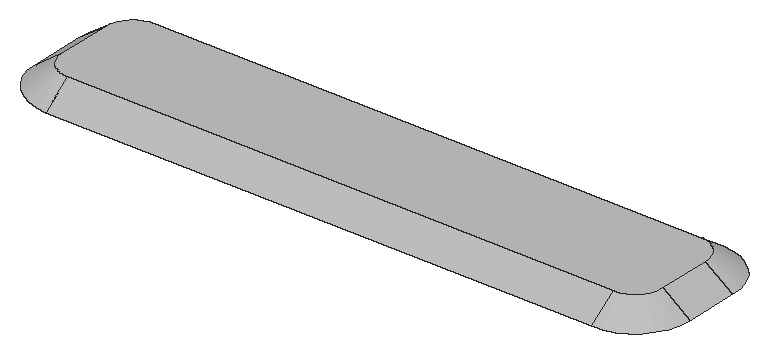
Revit family "Taktila - Objekt 3 - (Kort 120mm) - NCS3000", category Generic Models, host Face, Revit 2023
Family settings
  Host = Face
  Can host rebar = No
  Round Connector Dimension = Use Diameter
  Part Type = Normal
  Cut with Voids When Loaded = No
  Maintain Annotation Orientation = No
  Shared = No
  Room Calculation Point = No
Parameters
  Sklisikkerhet [instance] = "R10 (Ihht. DIN 51130-2104)"
  Mål [instance] = "L: 120mm / B: 30mm / H: 3,6mm"
  Materiale [instance] = "Resirkulert nylon plast. PA 15%gf"
  Innfesting [instance] = "3M™ VHB™ tape"
  Farge [instance] = "NCS3000-N - Lys Grå"
  EDP [instance] = "Miljødeklarasjon"
  Default Elevation = 1219.2 mm
Reference planes
  plane 1 "Center (Front/Back)": y = 0
  plane 2: z = 0
  plane 3 "Center (Left/Right)": x = 0
Dimensions and locks
  aligned and locked: plane 2 to host face
  aligned and locked: level to host face
Nested families
  nested 1: "Taktila - Objekt 3 - (Kort 120mm)" at (0, 0, 0), type "Objekt 3 - (Kort 120mm)"
Definition of nested family "Taktila - Objekt 3 - (Kort 120mm)"
  Parameters
    Objekt 3 - (Kort 120mm) = none
    Default Elevation = 0 mm
  Reference planes
    plane 1 "Center (Front/Back)": y = 0
    plane 2: z = 0
    plane 3 "Center (Left/Right)": x = 0
  Forms (mm)
    Blend 1, solid
      base sketch origin (0, 0, 0) x (1, 0, 0) y (0, 1, 0)
        loop
          line (-50, -15) -> (50, -15)
          arc (50, -15) -> (57.071, -12.071) -> (60, -5) r 10
          line (60, -5) -> (60, 5)
          arc (60, 5) -> (57.071, 12.071) -> (50, 15) r 10
          line (50, 15) -> (-50, 15)
          arc (-50, 15) -> (-57.071, 12.071) -> (-60, 5) r 10
          line (-60, 5) -> (-60, -5)
          arc (-60, -5) -> (-57.071, -12.071) -> (-50, -15) r 10
      top sketch origin (0, 0, 0) x (1, 0, 0) y (0, 1, 0)
        loop
          arc (-50, 10) -> (-53.536, 8.536) -> (-55, 5) r 5
          line (-55, 5) -> (-55, -5)
          arc (-55, -5) -> (-53.536, -8.536) -> (-50, -10) r 5
          line (-50, -10) -> (50, -10)
          arc (50, -10) -> (53.536, -8.536) -> (55, -5) r 5
          line (55, -5) -> (55, 5)
          arc (55, 5) -> (53.536, 8.536) -> (50, 10) r 5
          line (50, 10) -> (-50, 10)
      from 0 to 3.6
  Dimensions and locks
    aligned and locked: level to plane 2
